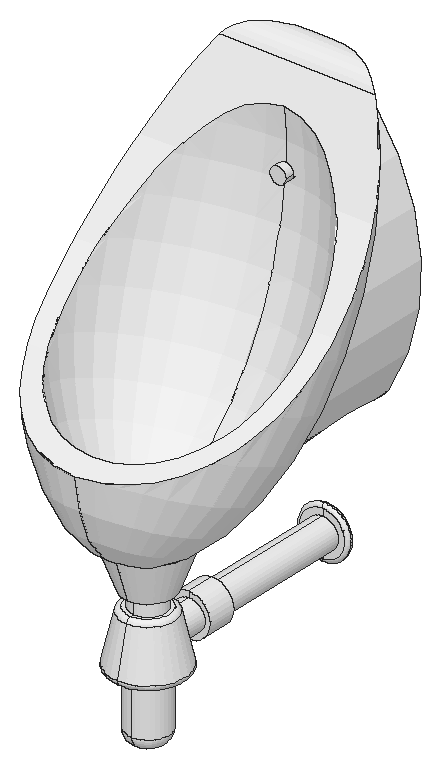
Revit family
Parameters
  재료 장치 [instance] = 금속 - 크롬 광택
  재료 수조 [instance] = 자기
  Keynote = "N13/130"
Reference planes
  plane 1 "중심(앞/뒤)": y = 0
  plane 2: z = 0
  plane 3 "중심(왼쪽/오른쪽)": x = 0
  plane 4: z = 485
  plane 5: z = 915
  plane 6: x = -152.5
  plane 7: x = 152.5
  plane 8: y = -375
  plane 9: y = -195
  plane 10: z = 610
  plane 11: through (0, -54.537, 1048.369) normal (0, 0.9205, -0.3907)
  plane 12: z = 278.122
  plane 13: z = 359.06
  plane 14: z = 425
  plane 15: z = 397.883
  plane 16: z = 387.883
Forms (mm)
  Revolve 1, solid, material "자기" <- "재료 수조"
    sketch origin (0, -20, 0) x (0, 1, 0) y (0, 0, 1)
      loop
        spline (-54.537, 1048.369) -> (-96.699, 1055.025) -> (-144.074, 1042.178) -> (-193.433, 1010.703) -> (-241.412, 962.746) -> (-284.742, 901.575) -> (-320.47, 831.358) -> (-346.161, 756.881) -> (-360.065, 683.218) -> (-361.233, 615.391) -> (-349.586, 558.021) -> (-325.918, 515.018) -> (-291.842, 489.313)
        line (-291.842, 489.313) -> (-54.537, 1048.369)
      axis (-291.842, 489.313) -> (-54.537, 1048.369)
    angle from 0 to 360
  Extrusion 2, void
    sketch origin (0, -20, 0) x (0, -1, 0) y (0, 0, 1)
      loop
        arc (401.841, 601.612) -> (379.518, 870.74) -> (195, 1067.922) r 411.009
        arc (195, 1067.922) -> (40.496, 1060.379) -> (-27.733, 921.552) r 152.318
        arc (-27.733, 921.552) -> (-0.051, 932.104) -> (24.138, 915) r 31.485
        arc (24.138, 915) -> (180.189, 718.774) -> (401.841, 601.612) r 611.832
    from 203.13 to -218.131
  Extrusion 3, solid, material "자기" <- "재료 수조"
    sketch origin (0, -20, 0) x (0, 1, 0) y (0, 0, 1)
      loop
        arc (17.389, 969.362) -> (-72.122, 726.39) -> (-208.471, 506.262) r 1286.617
        arc (-208.471, 506.262) -> (-103.27, 565.354) -> (17.389, 564.362) r 234.673
        line (17.389, 564.362) -> (17.389, 969.362)
    from 152.5 to -152.5
  Extrusion 4, void
    sketch origin (0, 0, 0) x (1, 0, 0) y (0, 0, 1)
      loop
        line (-152.5, 969.362) -> (-152.5, 400) -> (152.5, 400) -> (152.5, 969.362) -> (-152.5, 969.362)
      loop
        arc (-22.5, 915) -> (-114.11, 752.328) -> (-77.252, 569.309) r 267.97
        arc (-77.252, 569.309) -> (-44.246, 535.894) -> (0, 520.135) r 105.397
        arc (0, 520.135) -> (44.246, 535.894) -> (77.252, 569.309) r 105.397
        arc (77.252, 569.309) -> (114.11, 752.328) -> (22.5, 915) r 267.97
        line (22.5, 915) -> (-22.5, 915)
    from 250.92 to -160
  Revolve 5, void
    sketch origin (0, -20, 0) x (0, 1, 0) y (0, 0, 1)
      loop
        spline (-111.757, 977.334) -> (-147.456, 980.977) -> (-186.047, 968.907) -> (-224.901, 941.948) -> (-261.369, 901.935) -> (-292.965, 851.596) -> (-317.538, 794.361) -> (-333.412, 734.131) -> (-339.505, 675.01) -> (-335.402, 621.028) -> (-321.383, 575.863) -> (-298.404, 542.593) -> (-268.029, 523.485)
        line (-268.029, 523.485) -> (-111.757, 977.334)
      axis (-268.029, 523.485) -> (-111.757, 977.334)
    angle from 0 to 360
  Extrusion 6, void
    sketch origin (0, -75, 0) x (1, 0, 0) y (0, 1, 0)
      loop
        circle (0, -195) r 20
    from 610 to 458.097
  Revolve 7, solid, material "금속 - 크롬 광택" <- "재료 장치"
    sketch origin (0, -20, 0) x (0, 1, 0) y (0, 0, 1)
      loop
        arc (-250, 484.253) -> (-275.841, 484.344) -> (-299.107, 495.59) r 58.331
        line (-299.107, 495.59) -> (-280.296, 443.907) -> (-271.091, 440) -> (-271.091, 425) -> (-275.866, 425)
        arc (-275.866, 425) -> (-279.955, 423.572) -> (-282.267, 419.908) r 6.569
        line (-282.267, 419.908) -> (-295.319, 363.37)
        arc (-295.319, 363.37) -> (-294.842, 359.86) -> (-292.158, 357.547) r 5
        line (-292.158, 357.547) -> (-280, 353.122) -> (-275, 353.122) -> (-275, 293.122)
        arc (-275, 293.122) -> (-270.607, 282.516) -> (-260, 278.122) r 15
        line (-260, 278.122) -> (-250, 278.122) -> (-250, 484.253)
      axis (-250, 495.59) -> (-250, 278.122)
    angle from 0 to 360
  Revolve 8, solid, material "금속 - 크롬 광택" <- "재료 장치"
    sketch origin (0, -20, 0) x (0, 1, 0) y (0, 0, 1)
      loop
        line (-217.185, 406.883) -> (-217.185, 387.883) -> (20, 387.883) -> (20, 419.486) -> (18.46, 419.486)
        arc (18.46, 419.486) -> (15.631, 418.315) -> (14.46, 415.486) r 4
        line (14.46, 415.486) -> (14.46, 406.883) -> (-152.915, 406.883) -> (-152.915, 413.895) -> (-187.915, 413.895) -> (-187.915, 406.883) -> (-217.185, 406.883)
      axis (-217.185, 387.883) -> (20, 387.883)
    angle from 0 to 360
  Extrusion 9, solid, material "금속 - 크롬 광택" <- "재료 장치"
    sketch origin (0, 0, -50) x (1, 0, 0) y (0, 0, 1)
      loop
        circle (0, 856.701) r 10
    from 72.743 to 0
Cuts and joins
  Extrusion 2, Revolve 5, Extrusion 6 cuts Revolve 1
  Extrusion 4, Revolve 5, Extrusion 6 cuts Extrusion 3
  joined: Revolve 1, Extrusion 3
  joined: Revolve 7, Revolve 8
Lines and regions (mm)
  Masking region 1
    outline origin (0, 0, 0) x (1, 0, 0) y (0, 1, 0)
      loop
        arc (-117.409, -2.611) -> (-143.655, -97.219) -> (-152.5, -195) r 544.934
        spline (-152.5, -195) -> (-147.304, -242.882) -> (-132.069, -287.5) -> (-107.834, -325.815) -> (-76.25, -355.215) -> (-39.47, -373.696) -> (0, -380) -> (39.47, -373.696) -> (76.25, -355.215) -> (107.834, -325.815) -> (132.069, -287.5) -> (147.304, -242.882) -> (152.5, -195)
        arc (152.5, -195) -> (143.655, -97.219) -> (117.409, -2.611) r 544.934
        line (117.409, -2.611) -> (-117.409, -2.611)
  symbolic lines
    curve 1: arc (-117.409, -2.611, 0) -> (-143.655, -97.219, 0) -> (-152.5, -195, 0) r 544.934
    curve 2: arc (152.5, -195, 0) -> (143.655, -97.219, 0) -> (117.409, -2.611, 0) r 544.934
    curve 3: line (-117.409, -2.611, 0) -> (117.409, -2.611, 0)
    curve 4: spline (-132.5, -195, 0) -> (-127.985, -237.705, 0) -> (-114.748, -277.5, 0) -> (-93.692, -311.673, 0) -> (-66.25, -337.894, 0) -> (-34.294, -354.378, 0) -> (0, -360, 0) -> (34.294, -354.378, 0) -> (66.25, -337.894, 0) -> (93.692, -311.673, 0) -> (114.748, -277.5, 0) -> (127.985, -237.705, 0) -> (132.5, -195, 0)
    curve 5: spline (-132.5, -195, 0) -> (-127.985, -161.128, 0) -> (-114.748, -129.564, 0) -> (-93.692, -102.46, 0) -> (-66.25, -81.662, 0) -> (-34.294, -68.588, 0) -> (0, -64.129, 0) -> (34.294, -68.588, 0) -> (66.25, -81.662, 0) -> (93.692, -102.46, 0) -> (114.748, -129.564, 0) -> (127.985, -161.128, 0) -> (132.5, -195, 0)
    curve 6: circle (0, -268.265, 0) r 15 normal (0, 0, 1)
    curve 7: spline (152.5, -195, 0) -> (147.304, -243.189, 0) -> (132.069, -288.094, 0) -> (107.834, -326.654, 0) -> (76.25, -356.243, 0) -> (39.47, -374.843, 0) -> (0, -381.187, 0) -> (-39.47, -374.843, 0) -> (-76.25, -356.243, 0) -> (-107.834, -326.654, 0) -> (-132.069, -288.094, 0) -> (-147.304, -243.189, 0) -> (-152.5, -195, 0)
Dimensions and locks
  aligned and locked: plane 6 to Extrusion 3
  aligned and locked: Extrusion 3 to plane 7
  aligned and locked: plane 1 "중심(앞/뒤)" to Revolve 8 sketch curve
  aligned and locked: Extrusion 9 to plane 1 "중심(앞/뒤)"
